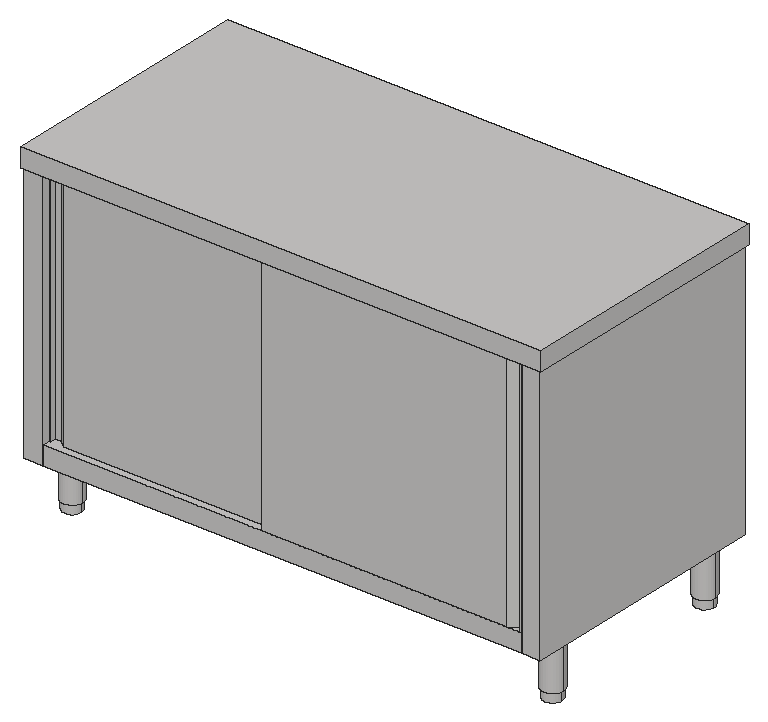
Revit family "QF_ELECTROLUXPROFESSIONAL_133075_TN1400EN", category Attrezzature speciali, Revit 2020
Family settings
  Quota connettore circolare = Usa diametro
  Tipo di parte = Normale
  Basato su piano di lavoro = No
  Sempre verticale = Sì
  Taglio con vuoti quando caricato = No
  Condiviso = No
  Punto di calcolo locali = No
Parameters (values of type "Standard")
  Weight = 60.00 kg
  Watts = 0 W
  Volts = 0 V
  URL Manufacturer = "https://www.electroluxprofessional.com/"
  URL = "https://www.electroluxprofessional.com/"
  Steam Supply Size = 0 mm
  Steam Supply Minimum Pressure = 0.0 Pa
  Steam Supply Maximum Pressure = 0.0 Pa
  Steam Consumption per Hour = 0
  Refrigeration Suction Line Size = 0.0 mm
  Refrigeration Liquid Line Size = 0.0 mm
  Refrigerant Compressor Remote = yes
  Prospetto di default = 0.0 mm
  Produttore = "Electrolux Professional"
  Phase = 0
  Modello = "TN1400EN"
  Length Actual = 1400.0 mm  # constant formula
  Item Number = "133075"
  Hot Water Size = 0 mm
  Height Actual = 900.0 mm  # constant formula
  HP = "0 HP"
  Gas Size = 0 mm
  Gas KW = 0
  Gas Input Pressure = 0 W
  Direct Waste Size = 0 mm
  Descrizione = "WORKTOP CUPBOARD 1400 MM"
  Depth Actual = 700.0 mm  # constant formula
  Cycle = 0 Hz
  Condensate Return Size = 0 mm
  Compressed Air Volume = 0.0 L/s
  Compressed Air Size = 0 mm
  Compressed Air Pressure = 0.0 Pa
  Cold Water Size = 0 mm
  Accessory = yes
Reference planes
  plane 1 "Center (Front/Back)": y = 0
  plane 2: z = 0
  plane 3 "Center (Left/Right)": x = -200
  plane 4 "LEFT": x = -900
  plane 5 "RIGHT": x = 500
  plane 6 "BACK": y = 350
  plane 7 "FRONT": y = -350
  plane 8 "Base": z = 850
  plane 9 "TOP": z = 900
  plane 10: x = -846.9
  plane 11: x = 446.9
  plane 12: y = 270
  plane 13: y = -241.9
  plane 14 "BodyLeft": x = -894.5
  plane 15 "BodyFront": y = -344.5
  plane 16 "BodyRight": x = 494.5
  plane 17 "BodyBack": y = 344.5
  plane 18 "FEET": z = 150
  plane 19: x = -144.5
  plane 20: x = -255.5
Forms (mm)
  Extrusion 1, solid, material "QF_Finishes_Stainless Steel"
    sketch origin (-200, 0, 0) x (0, 1, 0) y (0, 0, 1)
      loop
        line (-350, 850) -> (350, 850) -> (350, 900) -> (-350, 900) -> (-350, 850)
    from 700 to -700
  Extrusion 2, solid, material "QF_Finishes_Stainless Steel"
    sketch origin (0, 0, 150) x (-1, 0, 0) y (0, -1, 0)
      loop
        line (894.5, -344.5) -> (894.5, 344.5) -> (844.5, 344.5) -> (844.5, -344.5) -> (894.5, -344.5)
      loop
        line (-444.5, -344.5) -> (-444.5, 344.5) -> (-494.5, 344.5) -> (-494.5, -344.5) -> (-444.5, -344.5)
    from 0 to 700
  Extrusion 3, solid, material "QF_Finishes_Stainless Steel"
    sketch origin (0, 0, 150) x (-1, 0, 0) y (0, -1, 0)
      loop
        line (843.585, -344.5) -> (843.585, 344.5) -> (-444.5, 344.5) -> (-444.5, -344.5) -> (843.585, -344.5)
    from 0 to 50
  Extrusion 4, solid, material "QF_Finishes_Stainless Steel"
    sketch origin (0, 0, 150) x (-1, 0, 0) y (0, -1, 0)
      loop
        line (843.585, -344.5) -> (843.585, -294.5) -> (-444.5, -294.5) -> (-444.5, -344.5) -> (843.585, -344.5)
    from 50 to 700
  Extrusion 5, solid, material "QF_Finishes_Stainless Steel"
    sketch origin (0, 0, 150) x (-1, 0, 0) y (0, -1, 0)
      loop
        line (-444.5, 344.5) -> (-444.5, 324.5) -> (255.5, 324.5) -> (255.5, 344.5) -> (-404.5, 344.5) -> (-424.5, 329.5) -> (-439.5, 329.5) -> (-439.5, 344.5) -> (-444.5, 344.5)
    from 50 to 700
  Extrusion 6, solid, material "QF_Finishes_Stainless Steel"
    sketch origin (0, 20, 150) x (1, 0, 0) y (0, 1, 0)
      loop
        line (-844.5, -344.5) -> (-839.5, -344.5) -> (-839.5, -329.5) -> (-824.5, -329.5) -> (-804.5, -344.5) -> (-144.5, -344.5) -> (-144.5, -324.5) -> (-844.5, -324.5) -> (-844.5, -344.5)
    from 50 to 700
Lines and regions (mm)
  symbolic lines
    curve 1: line (500, 350, 900) -> (-900, 350, 900)
    curve 2: line (-900, 350, 900) -> (-900, -350, 900)
    curve 3: line (-900, -350, 900) -> (500, -350, 900)
    curve 4: line (500, -350, 900) -> (500, 350, 900)
  symbolic lines, style "SpecialityEquipmentHiddenLines"
    curve 5: line (-894.5, 344.5, 150) -> (494.5, 344.5, 150)
    curve 6: line (-894.5, -344.5, 150) -> (-894.5, 344.5, 150)
    curve 7: line (494.5, -344.5, 150) -> (-894.5, -344.5, 150)
    curve 8: line (494.5, 344.5, 150) -> (494.5, -344.5, 150)
    curve 9: line (-844.5, -304.5, 150) -> (-144.5, -304.5, 150)
    curve 10: line (-144.5, -304.5, 150) -> (-144.5, -324.5, 150)
    curve 11: line (-844.5, -324.5, 150) -> (444.5, -324.5, 150)
    curve 12: line (444.5, -324.5, 150) -> (444.5, -344.5, 150)
    curve 13: line (-255.5, -324.5, 150) -> (-255.5, -344.5, 150)
    curve 14: line (-844.5, -304.5, 150) -> (-844.5, -324.5, 150)
Dimensions and locks
  plane 4 "LEFT" to plane 5 "RIGHT" = 1400.0 mm
  equal spacing: plane 4 "LEFT", plane 3 "Center (Left/Right)", plane 5 "RIGHT"
  locked: plane 8 "Base" to level at 850
  plane 9 "TOP" to level = 900.0 mm
  plane 6 "BACK" to plane 7 "FRONT" = 700.0 mm
  equal spacing: plane 6 "BACK", plane 1 "Center (Front/Back)", plane 7 "FRONT"
  locked: plane 4 "LEFT" to plane 14 "BodyLeft" at 5.5
  locked: plane 16 "BodyRight" to plane 5 "RIGHT" at 5.5
  locked: plane 15 "BodyFront" to plane 7 "FRONT" at 5.5
  locked: plane 6 "BACK" to plane 17 "BodyBack" at 5.5
  locked: plane 14 "BodyLeft" to plane 10 at 47.6
  locked: plane 11 to plane 16 "BodyRight" at 47.6
  locked: plane 13 to plane 15 "BodyFront" at 102.6
  locked: plane 17 "BodyBack" to plane 12 at 74.5
  plane 10 to plane 11 = 1293.8 mm
  plane 12 to plane 13 = 511.9 mm
  locked: plane 14 "BodyLeft" to Extrusion 2 sketch curve at 50
  locked: Extrusion 2 sketch curve to Extrusion 2 sketch curve at 50
  Extrusion 3 to Extrusion 4 sketch curve = 50.0 mm
  Extrusion 2 to plane 19 = 700.0 mm
  plane 20 to Extrusion 2 = 700.0 mm
  locked: plane 18 "FEET" to level at 150
  aligned and locked: level to plane 2
  aligned and locked: plane 10 to nested 1
  aligned and locked: nested 1 to plane 13
  aligned and locked: plane 11 to nested 2
  aligned and locked: nested 2 to plane 13
  aligned and locked: plane 11 to nested 4
  aligned and locked: nested 4 to plane 12
  aligned and locked: plane 10 to nested 3
  aligned and locked: nested 3 to plane 12
  aligned and locked: Extrusion 1 to plane 4 "LEFT"
  aligned and locked: plane 5 "RIGHT" to Extrusion 1
  aligned and locked: curve 2 to plane 4 "LEFT"
  aligned and locked: plane 17 "BodyBack" to Extrusion 2 sketch curve
  aligned and locked: Extrusion 2 sketch curve to plane 15 "BodyFront"
  aligned and locked: Extrusion 2 sketch curve to plane 14 "BodyLeft"
  aligned and locked: plane 16 "BodyRight" to Extrusion 2 sketch curve
  aligned and locked: Extrusion 2 sketch curve to plane 17 "BodyBack"
  aligned and locked: plane 15 "BodyFront" to Extrusion 2 sketch curve
  aligned and locked: Extrusion 3 sketch curve to plane 17 "BodyBack"
  aligned and locked: plane 15 "BodyFront" to Extrusion 3 sketch curve
  aligned and locked: plane 8 "Base" to Extrusion 2
  aligned and locked: Extrusion 4 sketch curve to Extrusion 3
  aligned and locked: plane 8 "Base" to Extrusion 5
  aligned and locked: Extrusion 5 to Extrusion 3
  aligned and locked: Extrusion 6 sketch curve to plane 19
  aligned and locked: Extrusion 5 sketch curve to plane 20
  aligned and locked: Extrusion 1 to plane 8 "Base"
  aligned and locked: plane 9 "TOP" to Extrusion 1
  aligned and locked: curve 5 to plane 17 "BodyBack"
  aligned and locked: plane 14 "BodyLeft" to curve 6
  aligned and locked: plane 15 "BodyFront" to curve 7
  aligned and locked: plane 16 "BodyRight" to curve 8
Automatic sketch dimensions
  curve 3 to plane 7 "FRONT" = 0.0 mm
  curve 4 to plane 6 "BACK" = 0.0 mm
  Extrusion 1 sketch curve to plane 7 "FRONT" = 0.0 mm
  plane 9 "TOP" to Extrusion 1 sketch curve = 0.0 mm
  Extrusion 1 sketch curve to plane 6 "BACK" = 0.0 mm
  Extrusion 1 sketch curve to plane 8 "Base" = 0.0 mm
  Extrusion 5 sketch curve to plane 15 "BodyFront" = 0.0 mm  (x2)
  Extrusion 5 sketch curve to plane 11 = 2.4 mm
  Extrusion 5 sketch curve to Extrusion 5 sketch curve = 5.0 mm
  Extrusion 5 sketch curve to Extrusion 5 sketch curve = 15.0 mm
  Extrusion 5 sketch curve to Extrusion 5 sketch curve = 20.0 mm
  plane 15 "BodyFront" to Extrusion 5 sketch curve = 15.0 mm
  plane 15 "BodyFront" to Extrusion 5 sketch curve = 20.0 mm
  Extrusion 6 sketch curve to plane 15 "BodyFront" = 20.0 mm  (x2)
  Extrusion 6 sketch curve to plane 10 = 2.4 mm
  Extrusion 6 sketch curve to Extrusion 6 sketch curve = 5.0 mm
  Extrusion 6 sketch curve to Extrusion 6 sketch curve = 15.0 mm
  Extrusion 6 sketch curve to Extrusion 6 sketch curve = 20.0 mm  (x2)
  Extrusion 6 sketch curve to plane 15 "BodyFront" = 35.0 mm
  Extrusion 3 sketch curve to plane 11 = 2.4 mm
  plane 10 to Extrusion 3 sketch curve = 3.315 mm
  Extrusion 4 sketch curve to plane 11 = 2.4 mm
  plane 10 to Extrusion 4 sketch curve = 3.315 mm
  curve 10 to plane 19 = 0.0 mm
  curve 13 to plane 20 = 0.0 mm
  curve 11 to plane 11 = 2.4 mm
  plane 15 "BodyFront" to curve 9 = 40.0 mm
  curve 12 to curve 12 = 20.0 mm
  plane 10 to curve 14 = 2.4 mm
  curve 4 to plane 5 "RIGHT" = 0.0 mm
Nested families
  nested 1: "FEET_D58-150" at (-846.9, -241.9, 0), type "FEET_D58-150"
  nested 2: "FEET_D58-150" at (446.9, -241.9, 0), type "FEET_D58-150"
  nested 3: "FEET_D58-150" at (-846.9, 270, 0), type "FEET_D58-150"
  nested 4: "FEET_D58-150" at (446.9, 270, 0), type "FEET_D58-150"
Definition of nested family "FEET_D58-150"
  Parameters
    Default Elevation = 0.0 mm
    FEET = 150.0 mm
  Reference planes
    plane 1 "Center (Front/Back)": y = 0
    plane 2: z = 0
    plane 3 "Center (Left/Right)": x = 0
    plane 4: z = 150
  Forms (mm)
    Extrusion 1, solid
      sketch origin (0, 0, 0) x (1, 0, 0) y (0, 1, 0)
        loop
          circle (0, 0) r 25
      from 0 to 25
    Extrusion 2, solid
      sketch origin (0, 0, 0) x (1, 0, 0) y (0, 1, 0)
        loop
          circle (0.061, 0) r 29
      from 25 to 150 <- "FEET"
  Lines and regions (mm)
    symbolic lines
      curve 1: line (0, -1.503, 0) -> (0, 1.508, 0)
      curve 2: line (1.561, 0, 0) -> (-1.439, 0, 0)
  Dimensions and locks
    "FEET": plane 4 to plane 2
    aligned and locked: level to plane 2
  Automatic sketch dimensions
    plane 1 "Center (Front/Back)" to Extrusion 1 sketch curve = 0.0 mm
    Extrusion 1 sketch curve to plane 3 "Center (Left/Right)" = 0.0 mm
    plane 1 "Center (Front/Back)" to curve 2 = 0.0 mm
    curve 1 to plane 3 "Center (Left/Right)" = 0.0 mm
    curve 2 to plane 3 "Center (Left/Right)" = 1.439 mm
    plane 3 "Center (Left/Right)" to curve 2 = 1.561 mm
    plane 1 "Center (Front/Back)" to curve 1 = 1.503 mm
    curve 1 to plane 1 "Center (Front/Back)" = 1.508 mm
    plane 1 "Center (Front/Back)" to Extrusion 2 sketch curve = 0.0 mm
    plane 3 "Center (Left/Right)" to Extrusion 2 sketch curve = 0.061 mm
    radius of Extrusion 1 sketch curve = 25.0 mm
    radius of Extrusion 2 sketch curve = 29.0 mm
